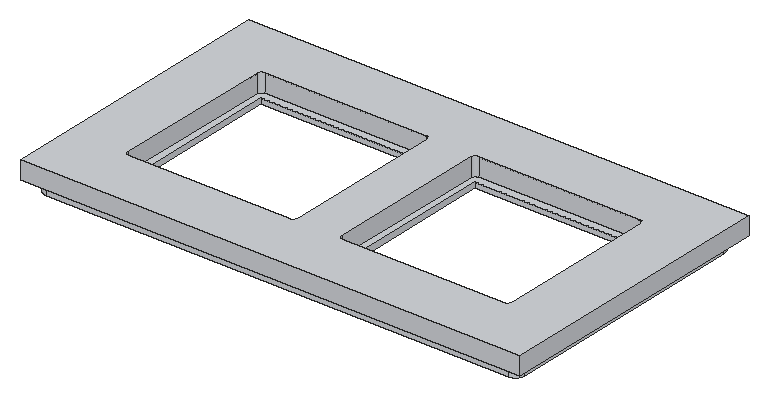
Revit family "Gira_021205", category Electrical Fixtures, host Face, Revit 2017
Family settings
  Host = Face
  Maintain Annotation Orientation = No
  Round Connector Dimension = Use Diameter
  Part Type = Normal
  Cut with Voids When Loaded = No
  Shared = No
  Room Calculation Point = No
Parameters (values of type "Cov.fr. 2-g Gira Esprit black gl.")
  With mounting grid = "No"
  With hinged lid = "No"
  URL = "http://katalog.gira.de/en/datenblatt.html?artikelnr=021205"
  Type of fastening = "Clamp mounting"
  Transparent = "No"
  Surface protection = "Other"
  Suitable for wall duct = "No"
  Suitable for flush-mounted installation = "Yes"
  Suitable for floor box = "No"
  Suitable for built-in installation = "No"
  Number of units vertical = "2"
  Number of units horizontal = "2"
  Number of units = "2"
  Name = "Cov.fr. 2-g Gira Esprit black gl."
  Mounting direction = "Horizontal and vertical"
  Material quality = "Other"
  Material = "Glass"
  Manufacturer URL = "https://www.gira.de/"
  Manufacturer = "Gira"
  Label space/information surface = "No"
  Keynote = ""
  HeinzeBIM = "https://bimportal.heinze.de/bim/cov-fr-2-g-gira-esprit-black-gl-/fbce58e39ec628f794e483e71bedc11bc1bdb021"
  Halogen free = "No"
  HAN = "021205"
  GTIN = "4010337212058"
  Description = "Cov.fr.2g Espr. GBk,Gira Esprit cover frame,black glass,2-gang,"
  Degree of protection (IP) = "IP20"
  Default Elevation = 1219.2 mm
  Data sheet (1) = "https://katalog.gira.de/en/download.html?artikelnr=021205"
  Colour = "Black"
  Category = "Cover frame for domestic switching devices"
  BIM (1) = "https://media.stage.bim.site/public/gira/36a6b08/Espr._Rahmen_2fach.rfa"
  Available = "No"
Reference planes
  plane 1 "Center (Front/Back)": y = 0
  plane 2: z = 0
  plane 3 "Center (Left/Right)": x = 0
Forms (mm)
  Extrusion 1, solid, detail levels fine
    sketch origin (0, 0, 0) x (1, 0, 0) y (0, 1, 0)
      loop
        line (-83, 47.5) -> (-83, -47.5) -> (83, -47.5) -> (83, 47.5) -> (-83, 47.5)
      loop
        arc (-63.75, -26.7) -> (-63.311, -27.761) -> (-62.25, -28.2) r 1.5
        line (-62.25, -28.2) -> (-8.85, -28.2)
        arc (-8.85, -28.2) -> (-7.789, -27.761) -> (-7.35, -26.7) r 1.5
        line (-7.35, -26.7) -> (-7.35, 26.7)
        arc (-7.35, 26.7) -> (-7.789, 27.761) -> (-8.85, 28.2) r 1.5
        line (-8.85, 28.2) -> (-62.25, 28.2)
        arc (-62.25, 28.2) -> (-63.311, 27.761) -> (-63.75, 26.7) r 1.5
        line (-63.75, 26.7) -> (-63.75, -26.7)
      loop
        line (63.75, -26.7) -> (63.75, 26.7)
        arc (63.75, 26.7) -> (63.311, 27.761) -> (62.25, 28.2) r 1.5
        line (62.25, 28.2) -> (8.85, 28.2)
        arc (8.85, 28.2) -> (7.789, 27.761) -> (7.35, 26.7) r 1.5
        line (7.35, 26.7) -> (7.35, -26.7)
        arc (7.35, -26.7) -> (7.789, -27.761) -> (8.85, -28.2) r 1.5
        line (8.85, -28.2) -> (62.25, -28.2)
        arc (62.25, -28.2) -> (63.311, -27.761) -> (63.75, -26.7) r 1.5
    from 0 to 6
  Extrusion 2, solid, detail levels fine
    sketch origin (0, 0, 0) x (1, 0, 0) y (0, 1, 0)
      loop
        line (-61.45, -25.7) -> (-9.65, -25.7) -> (-9.65, 25.7) -> (-61.45, 25.7) -> (-61.45, -25.7)
      loop
        line (61.45, 25.7) -> (9.65, 25.7) -> (9.65, -25.7) -> (61.45, -25.7) -> (61.45, 25.7)
      loop
        arc (-78.454, -41.3) -> (-77.927, -42.573) -> (-76.654, -43.1) r 1.8
        line (-76.654, -43.1) -> (76.654, -43.1)
        arc (76.654, -43.1) -> (77.927, -42.573) -> (78.454, -41.3) r 1.8
        line (78.454, -41.3) -> (78.454, 41.3)
        arc (78.454, 41.3) -> (77.927, 42.573) -> (76.654, 43.1) r 1.8
        line (76.654, 43.1) -> (-76.654, 43.1)
        arc (-76.654, 43.1) -> (-77.927, 42.573) -> (-78.454, 41.3) r 1.8
        line (-78.454, 41.3) -> (-78.454, -41.3)
    from -1.9 to 0
  Extrusion 3, solid, detail levels fine
    sketch origin (0, 0, 0) x (1, 0, 0) y (0, 1, 0)
      loop
        arc (-76.75, 44.4) -> (-78.871, 43.521) -> (-79.75, 41.4) r 3
        line (-79.75, 41.4) -> (-79.75, -41.4)
        arc (-79.75, -41.4) -> (-78.871, -43.521) -> (-76.75, -44.4) r 3
        line (-76.75, -44.4) -> (76.75, -44.4)
        arc (76.75, -44.4) -> (78.871, -43.521) -> (79.75, -41.4) r 3
        line (79.75, -41.4) -> (79.75, 41.4)
        arc (79.75, 41.4) -> (78.871, 43.521) -> (76.75, 44.4) r 3
        line (76.75, 44.4) -> (-76.75, 44.4)
      loop
        arc (-78.55, -41.4) -> (-78.023, -42.673) -> (-76.75, -43.2) r 1.8
        line (-76.75, -43.2) -> (76.75, -43.2)
        arc (76.75, -43.2) -> (78.023, -42.673) -> (78.55, -41.4) r 1.8
        line (78.55, -41.4) -> (78.55, 41.4)
        arc (78.55, 41.4) -> (78.023, 42.673) -> (76.75, 43.2) r 1.8
        line (76.75, 43.2) -> (-76.75, 43.2)
        arc (-76.75, 43.2) -> (-78.023, 42.673) -> (-78.55, 41.4) r 1.8
        line (-78.55, 41.4) -> (-78.55, -41.4)
    from -3.7 to 0
  Extrusion 4, solid, detail levels medium
    sketch origin (0, 0, 0) x (1, 0, 0) y (0, 1, 0)
      loop
        line (-83, 47.5) -> (-83, -47.5) -> (83, -47.5) -> (83, 47.5) -> (-83, 47.5)
    from 0 to 6
  Extrusion 5, solid, detail levels medium
    sketch origin (0, 0, 0) x (1, 0, 0) y (0, 1, 0)
      loop
        line (-79.75, 44.4) -> (-79.75, -44.4) -> (79.75, -44.4) -> (79.75, 44.4) -> (-79.75, 44.4)
    from -3.7 to 0
  Extrusion 6, solid, detail levels coarse
    sketch origin (0, 0, 0) x (1, 0, 0) y (0, 1, 0)
      loop
        line (-83, 47.5) -> (-83, -47.5) -> (83, -47.5) -> (83, 47.5) -> (-83, 47.5)
    from -3.7 to 6
Dimensions and locks
  aligned and locked: plane 2 to host face
  aligned and locked: level to host face
